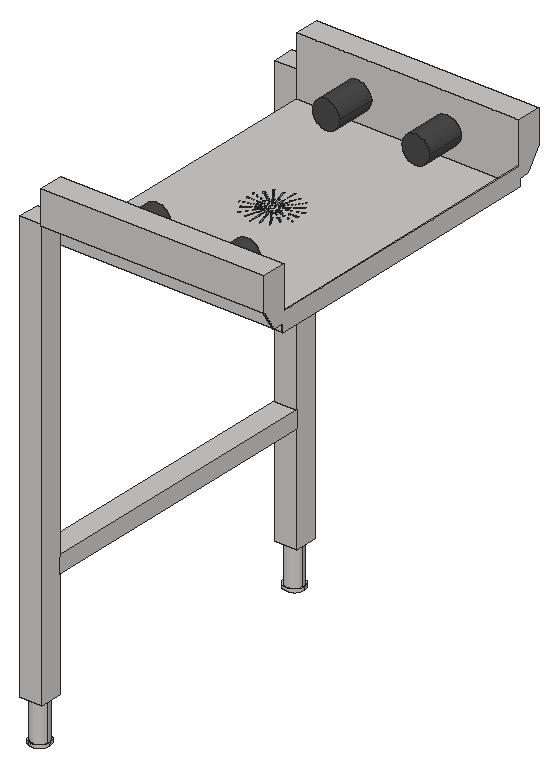
Revit family "QF_ELECTROLUXPROFESSIONAL_863137_HSSRC4", category Specialty Equipment, Revit 2018 (continued)
Lines and regions (mm)
  symbolic lines
    curve 302: arc (-890.939, 60.514, 0) -> (-891.117, 61.256, 0) -> (-890.719, 61.907, 0) r 0.997
    curve 303: line (-892.779, 69.167, 0) -> (-880.445, 73.175, 0)
    curve 304: arc (-880.445, 73.175, 0) -> (-879.656, 73.113, 0) -> (-879.143, 72.511, 0) r 1.033
    curve 305: line (-879.143, 72.511, 0) -> (-878.848, 71.603, 0)
    curve 306: arc (-878.848, 71.603, 0) -> (-878.908, 70.831, 0) -> (-879.497, 70.328, 0) r 1.012
    curve 307: line (-879.497, 70.328, 0) -> (-891.804, 66.33, 0)
    curve 308: arc (-891.804, 66.33, 0) -> (-892.604, 66.393, 0) -> (-893.125, 67.003, 0) r 1.048
    curve 309: line (-893.125, 67.003, 0) -> (-893.419, 67.91, 0)
    curve 310: arc (-893.419, 67.91, 0) -> (-893.36, 68.671, 0) -> (-892.779, 69.167, 0) r 0.998
    curve 311: line (-885.276, 73.399, 0) -> (-894.436, 73.399, 0)
    curve 312: arc (-894.436, 73.399, 0) -> (-895.153, 73.696, 0) -> (-895.45, 74.412, 0) r 1.013
    curve 313: line (-895.45, 74.412, 0) -> (-895.45, 75.402, 0)
    curve 314: arc (-895.45, 75.402, 0) -> (-895.158, 76.107, 0) -> (-894.452, 76.399, 0) r 0.997
    curve 315: line (-894.452, 76.399, 0) -> (-885.311, 76.399, 0)
    curve 316: arc (-885.311, 76.399, 0) -> (-884.579, 76.096, 0) -> (-884.276, 75.364, 0) r 1.035
    curve 317: line (-884.276, 75.364, 0) -> (-884.276, 74.399, 0)
    curve 318: arc (-884.276, 74.399, 0) -> (-884.569, 73.692, 0) -> (-885.276, 73.399, 0) r 1
    curve 319: line (-880.424, 76.616, 0) -> (-892.731, 80.615, 0)
    curve 320: arc (-892.731, 80.615, 0) -> (-893.341, 81.136, 0) -> (-893.404, 81.936, 0) r 1.048
    curve 321: line (-893.404, 81.936, 0) -> (-893.109, 82.843, 0)
    curve 322: arc (-893.109, 82.843, 0) -> (-892.613, 83.424, 0) -> (-891.852, 83.484, 0) r 0.998
    curve 323: line (-891.852, 83.484, 0) -> (-879.518, 79.476, 0)
    curve 324: arc (-879.518, 79.476, 0) -> (-878.916, 78.962, 0) -> (-878.854, 78.174, 0) r 1.033
    curve 325: line (-878.854, 78.174, 0) -> (-879.149, 77.266, 0)
    curve 326: arc (-879.149, 77.266, 0) -> (-879.652, 76.677, 0) -> (-880.424, 76.616, 0) r 1.012
    curve 327: line (-883.295, 82.497, 0) -> (-890.706, 87.881, 0)
    curve 328: arc (-890.706, 87.881, 0) -> (-891.111, 88.543, 0) -> (-890.93, 89.297, 0) r 1.013
    curve 329: line (-890.93, 89.297, 0) -> (-890.348, 90.097, 0)
    curve 330: arc (-890.348, 90.097, 0) -> (-889.697, 90.496, 0) -> (-888.955, 90.318, 0) r 0.997
    curve 331: line (-888.955, 90.318, 0) -> (-881.56, 84.945, 0)
    curve 332: arc (-881.56, 84.945, 0) -> (-881.146, 84.269, 0) -> (-881.331, 83.499, 0) r 1.035
    curve 333: line (-881.331, 83.499, 0) -> (-881.898, 82.718, 0)
    curve 334: arc (-881.898, 82.718, 0) -> (-882.551, 82.319, 0) -> (-883.295, 82.497, 0) r 1
    curve 335: line (-877.478, 82.248, 0) -> (-885.084, 92.717, 0)
    curve 336: arc (-885.084, 92.717, 0) -> (-885.272, 93.497, 0) -> (-884.852, 94.181, 0) r 1.048
    curve 337: line (-884.852, 94.181, 0) -> (-884.081, 94.742, 0)
    curve 338: arc (-884.081, 94.742, 0) -> (-883.338, 94.92, 0) -> (-882.687, 94.521, 0) r 0.998
    curve 339: line (-882.687, 94.521, 0) -> (-875.064, 84.029, 0)
    curve 340: arc (-875.064, 84.029, 0) -> (-874.879, 83.26, 0) -> (-875.293, 82.586, 0) r 1.033
    curve 341: line (-875.293, 82.586, 0) -> (-876.065, 82.024, 0)
    curve 342: arc (-876.065, 82.024, 0) -> (-876.818, 81.843, 0) -> (-877.478, 82.248, 0) r 1.012
    curve 343: line (-876.344, 88.693, 0) -> (-879.175, 97.405, 0)
    curve 344: arc (-879.175, 97.405, 0) -> (-879.114, 98.178, 0) -> (-878.524, 98.682, 0) r 1.013
    curve 345: line (-878.524, 98.682, 0) -> (-877.583, 98.988, 0)
    curve 346: arc (-877.583, 98.988, 0) -> (-876.822, 98.928, 0) -> (-876.326, 98.347, 0) r 0.997
    curve 347: line (-876.326, 98.347, 0) -> (-873.502, 89.654, 0)
    curve 348: arc (-873.502, 89.654, 0) -> (-873.564, 88.864, 0) -> (-874.166, 88.349, 0) r 1.035
    curve 349: line (-874.166, 88.349, 0) -> (-875.084, 88.051, 0)
    curve 350: arc (-875.084, 88.051, 0) -> (-875.847, 88.111, 0) -> (-876.344, 88.693, 0) r 1
Dimensions and locks
  plane 3 "LEFT" to plane 7 "RIGHT" = 400 mm
  equal spacing: plane 4 "BACK", plane 1 "Centro (Fronte/Retro)", plane 5 "FRONT"
  plane 4 "BACK" to plane 5 "FRONT" = 620 mm
  cut or joined group 1 (Extrusion 2, Extrusion 3, Extrusion 5, Revolve 6, Revolve 7, Extrusion 9, Extrusion 10, Extrusion 11, Extrusion 12, Extrusion 13, Extrusion 14, Extrusion 15, Extrusion 16, Extrusion 17, Extrusion 18, Extrusion 19, Extrusion 20, Extrusion 21, Extrusion 22, Extrusion 23, Extrusion 24, Extrusion 25, Extrusion 26, Extrusion 27, Extrusion 28, Extrusion 29) to cut or joined group 1 = 529.957 mm
  plane 3 "LEFT" to plane 8 = 170 mm
  aligned and locked: level to plane 2
  aligned and locked: Extrusion 2 to Extrusion 5
  aligned and locked: Extrusion 2 to Extrusion 3
Automatic sketch dimensions
  curve 1 to plane 3 "LEFT" = 0 mm
  plane 1 "Centro (Fronte/Retro)" to curve 16 = 0 mm
  plane 1 "Centro (Fronte/Retro)" to curve 18 = 0 mm
  plane 1 "Centro (Fronte/Retro)" to curve 20 = 0 mm
  plane 1 "Centro (Fronte/Retro)" to curve 15 = 0 mm
  curve 6 to plane 7 "RIGHT" = 0 mm
  curve 4 to plane 5 "FRONT" = 0 mm
  curve 2 to plane 4 "BACK" = 0 mm
  plane 3 "LEFT" to curve 9 = 88.124 mm
  plane 3 "LEFT" to curve 22 = 88.124 mm
  curve 8 to curve 9 = 50 mm
  curve 21 to curve 24 = 50 mm
  plane 5 "FRONT" to curve 13 = 49.466 mm
  curve 9 to curve 13 = 111.286 mm
  curve 27 to plane 4 "BACK" = 49.466 mm
  curve 23 to curve 27 = 111.286 mm
  curve 13 to curve 13 = 50 mm
  curve 25 to curve 25 = 50 mm
  curve 18 to plane 7 "RIGHT" = 230 mm
  curve 17 to curve 20 = 30 mm
  plane 5 "FRONT" to curve 9 = 49.466 mm
  curve 9 to curve 7 = 69.954 mm
  curve 13 to curve 14 = 69.954 mm
  curve 28 to curve 27 = 69.954 mm
  curve 24 to curve 25 = 0 mm
  curve 22 to plane 4 "BACK" = 49.466 mm
  plane 3 "LEFT" to curve 16 = 30 mm
  curve 15 to plane 7 "RIGHT" = 30 mm
  plane 5 "FRONT" to curve 6 = 45.021 mm
  plane 1 "Centro (Fronte/Retro)" to curve 18 = 62.418 mm
  plane 1 "Centro (Fronte/Retro)" to curve 19 = 20.976 mm
  curve 3 to curve 1 = 45.021 mm
  Extrusion 1 sketch curve to plane 3 "LEFT" = 41.168 mm
  Extrusion 1 sketch curve to plane 3 "LEFT" = 1.168 mm
  level to Extrusion 1 sketch curve = 270 mm
  Extrusion 1 sketch curve to Extrusion 1 sketch curve = 30 mm
  Extrusion 2 sketch curve to plane 5 "FRONT" = 0 mm
  Extrusion 2 sketch curve to plane 6 = 0 mm  (x2)
  Extrusion 2 sketch curve to plane 4 "BACK" = 0 mm
  plane 5 "FRONT" to Extrusion 2 sketch curve = 45.021 mm
  Extrusion 2 sketch curve to plane 4 "BACK" = 45.021 mm
  Extrusion 2 sketch curve to Extrusion 2 sketch curve = 59.967 mm  (x2)
  plane 5 "FRONT" to Extrusion 3 sketch curve = 43.536 mm
  Extrusion 3 sketch curve to Extrusion 3 sketch curve = 1.486 mm
  Extrusion 3 sketch curve to plane 4 "BACK" = 45.021 mm
  Extrusion 3 sketch curve to Extrusion 3 sketch curve = 1.529 mm
  Extrusion 3 sketch curve to plane 6 = 109.919 mm
  Extrusion 3 sketch curve to Extrusion 3 sketch curve = 3 mm
  Extrusion 3 sketch curve to Extrusion 3 sketch curve = 46.952 mm  (x2)
  plane 3 "LEFT" to Extrusion 4 sketch curve = 113.124 mm
  Extrusion 4 sketch curve to plane 6 = 59.885 mm  (x2)
  Extrusion 4 sketch curve to plane 7 "RIGHT" = 125.59 mm
  Extrusion 5 sketch curve to plane 5 "FRONT" = 0 mm
  Extrusion 5 sketch curve to plane 6 = 0 mm  (x2)
  Extrusion 5 sketch curve to plane 4 "BACK" = 0 mm
  plane 5 "FRONT" to Extrusion 5 sketch curve = 23.764 mm
  Extrusion 5 sketch curve to Extrusion 5 sketch curve = 19.352 mm  (x2)
  plane 5 "FRONT" to Extrusion 5 sketch curve = 45.021 mm
  Extrusion 5 sketch curve to plane 4 "BACK" = 45.021 mm
  Extrusion 5 sketch curve to Extrusion 5 sketch curve = 1.905 mm
  Extrusion 5 sketch curve to Extrusion 5 sketch curve = 59.967 mm  (x2)
  Extrusion 5 sketch curve to Extrusion 5 sketch curve = 15.444 mm
  Extrusion 5 sketch curve to Extrusion 5 sketch curve = 20.221 mm  (x2)
  Extrusion 5 sketch curve to Extrusion 5 sketch curve = 14.287 mm
  Revolve 6 sketch curve to plane 1 "Centro (Fronte/Retro)" = 0 mm  (x2)
  plane 1 "Centro (Fronte/Retro)" to Revolve 6 sketch curve = 45.447 mm
  Revolve 6 sketch curve to Revolve 6 sketch curve = 1.52 mm
  Revolve 6 sketch curve to Revolve 6 sketch curve = 11.998 mm
  Revolve 6 sketch curve to Revolve 6 sketch curve = 4.762 mm
  Revolve 6 sketch curve to Revolve 6 sketch curve = 4.974 mm
  Revolve 6 sketch curve to plane 6 = 145.915 mm
  Revolve 6 sketch curve to Revolve 6 sketch curve = 5.727 mm
  Revolve 6 sketch curve to Revolve 6 sketch curve = 11.901 mm
  Revolve 6 sketch curve to Revolve 6 sketch curve = 3.704 mm
  Revolve 6 sketch curve to Revolve 6 sketch curve = 11.924 mm
  Revolve 6 sketch curve to Revolve 6 sketch curve = 2.681 mm
  Revolve 6 sketch curve to Revolve 6 sketch curve = 3 mm
  Revolve 6 sketch curve to Revolve 6 sketch curve = 14.991 mm
  Revolve 7 sketch curve to plane 1 "Centro (Fronte/Retro)" = 0 mm  (x2)
  Revolve 7 sketch curve to plane 1 "Centro (Fronte/Retro)" = 20.976 mm
  Revolve 7 sketch curve to plane 6 = 165.904 mm
  Revolve 7 sketch curve to plane 1 "Centro (Fronte/Retro)" = 23.516 mm
  Revolve 7 sketch curve to Revolve 7 sketch curve = 2.434 mm
  Revolve 7 sketch curve to Revolve 7 sketch curve = 8.043 mm
  Revolve 7 sketch curve to Revolve 7 sketch curve = 2.54 mm  (x2)
  Revolve 7 sketch curve to Revolve 7 sketch curve = 16.983 mm
  Revolve 7 sketch curve to Revolve 7 sketch curve = 3.127 mm
  Revolve 7 sketch curve to Revolve 7 sketch curve = 7.343 mm
  Masking region 1 sketch curve to plane 3 "LEFT" = 0 mm
  Masking region 1 sketch curve to plane 5 "FRONT" = 0 mm
  Masking region 1 sketch curve to plane 7 "RIGHT" = 0 mm
  Masking region 1 sketch curve to plane 4 "BACK" = 0 mm
  plane 3 "LEFT" to Extrusion 8 sketch curve = 113.124 mm
  Extrusion 8 sketch curve to plane 6 = 59.885 mm  (x2)
  Extrusion 8 sketch curve to plane 7 "RIGHT" = 125.59 mm
  Extrusion 9 sketch curve to Extrusion 9 sketch curve = 0.998 mm
  Extrusion 9 sketch curve to Extrusion 9 sketch curve = 1.033 mm
  Extrusion 9 sketch curve to Extrusion 9 sketch curve = 12.94 mm
  Extrusion 9 sketch curve to Extrusion 9 sketch curve = 3.807 mm
  Extrusion 9 sketch curve to Extrusion 9 sketch curve = 20.041 mm
  Extrusion 9 sketch curve to Extrusion 9 sketch curve = 0.05 mm
  Extrusion 9 sketch curve to Extrusion 9 sketch curve = 0 mm
  Extrusion 9 sketch curve to Extrusion 9 sketch curve = 1.012 mm  (x2)
  Extrusion 9 sketch curve to Extrusion 9 sketch curve = 1.048 mm  (x2)
  Extrusion 9 sketch curve to Extrusion 9 sketch curve = 0.955 mm  (x2)
  Extrusion 9 sketch curve to Extrusion 9 sketch curve = 0.954 mm
  Extrusion 10 sketch curve to Extrusion 10 sketch curve = 0.998 mm
  Extrusion 10 sketch curve to Extrusion 10 sketch curve = 1.033 mm
  Extrusion 10 sketch curve to Extrusion 10 sketch curve = 12.94 mm
  Extrusion 10 sketch curve to Extrusion 10 sketch curve = 3.807 mm
  Extrusion 10 sketch curve to Extrusion 10 sketch curve = 20.041 mm
  Extrusion 10 sketch curve to Extrusion 10 sketch curve = 0.05 mm
  Extrusion 10 sketch curve to Extrusion 10 sketch curve = 0 mm
  Extrusion 10 sketch curve to Extrusion 10 sketch curve = 1.012 mm  (x2)
  Extrusion 10 sketch curve to Extrusion 10 sketch curve = 1.048 mm  (x2)
  Extrusion 10 sketch curve to Extrusion 10 sketch curve = 0.955 mm  (x2)
  Extrusion 10 sketch curve to Extrusion 10 sketch curve = 0.954 mm
  Extrusion 11 sketch curve to Extrusion 11 sketch curve = 0.998 mm
  Extrusion 11 sketch curve to Extrusion 11 sketch curve = 1.033 mm
  Extrusion 11 sketch curve to Extrusion 11 sketch curve = 12.94 mm
  Extrusion 11 sketch curve to Extrusion 11 sketch curve = 3.807 mm
  Extrusion 11 sketch curve to Extrusion 11 sketch curve = 20.041 mm
  Extrusion 11 sketch curve to Extrusion 11 sketch curve = 0.05 mm
  Extrusion 11 sketch curve to Extrusion 11 sketch curve = 0 mm
  Extrusion 11 sketch curve to Extrusion 11 sketch curve = 1.012 mm  (x2)
  Extrusion 11 sketch curve to Extrusion 11 sketch curve = 1.048 mm  (x2)
  Extrusion 11 sketch curve to Extrusion 11 sketch curve = 0.955 mm  (x2)
  Extrusion 11 sketch curve to Extrusion 11 sketch curve = 0.954 mm
  Extrusion 12 sketch curve to Extrusion 12 sketch curve = 0.998 mm
  Extrusion 12 sketch curve to Extrusion 12 sketch curve = 1.033 mm
  Extrusion 12 sketch curve to Extrusion 12 sketch curve = 12.94 mm
  Extrusion 12 sketch curve to Extrusion 12 sketch curve = 3.807 mm
  Extrusion 12 sketch curve to Extrusion 12 sketch curve = 20.041 mm
  Extrusion 12 sketch curve to Extrusion 12 sketch curve = 0.05 mm
  Extrusion 12 sketch curve to Extrusion 12 sketch curve = 0 mm
  Extrusion 12 sketch curve to Extrusion 12 sketch curve = 1.012 mm  (x2)
  Extrusion 12 sketch curve to Extrusion 12 sketch curve = 1.048 mm  (x2)
  Extrusion 12 sketch curve to Extrusion 12 sketch curve = 0.955 mm  (x2)
  Extrusion 12 sketch curve to Extrusion 12 sketch curve = 0.954 mm
  Extrusion 13 sketch curve to Extrusion 13 sketch curve = 0.998 mm
  Extrusion 13 sketch curve to Extrusion 13 sketch curve = 1.033 mm
  Extrusion 13 sketch curve to Extrusion 13 sketch curve = 12.94 mm
  Extrusion 13 sketch curve to Extrusion 13 sketch curve = 3.807 mm
  Extrusion 13 sketch curve to Extrusion 13 sketch curve = 20.041 mm
  Extrusion 13 sketch curve to Extrusion 13 sketch curve = 0.05 mm
  Extrusion 13 sketch curve to Extrusion 13 sketch curve = 0 mm
  Extrusion 13 sketch curve to Extrusion 13 sketch curve = 1.012 mm  (x2)
  Extrusion 13 sketch curve to Extrusion 13 sketch curve = 1.048 mm  (x2)
  Extrusion 13 sketch curve to Extrusion 13 sketch curve = 0.955 mm  (x2)
  Extrusion 13 sketch curve to Extrusion 13 sketch curve = 0.954 mm
  Extrusion 14 sketch curve to Extrusion 14 sketch curve = 0.998 mm
  Extrusion 14 sketch curve to Extrusion 14 sketch curve = 1.033 mm
  Extrusion 14 sketch curve to Extrusion 14 sketch curve = 12.94 mm
  Extrusion 14 sketch curve to Extrusion 14 sketch curve = 3.807 mm
  Extrusion 14 sketch curve to Extrusion 14 sketch curve = 20.041 mm
  Extrusion 14 sketch curve to Extrusion 14 sketch curve = 0.05 mm
  Extrusion 14 sketch curve to Extrusion 14 sketch curve = 0 mm
  Extrusion 14 sketch curve to Extrusion 14 sketch curve = 1.012 mm  (x2)
  Extrusion 14 sketch curve to Extrusion 14 sketch curve = 1.048 mm  (x2)
  Extrusion 14 sketch curve to Extrusion 14 sketch curve = 0.955 mm  (x2)
  Extrusion 14 sketch curve to Extrusion 14 sketch curve = 0.954 mm
  Extrusion 15 sketch curve to Extrusion 15 sketch curve = 0.998 mm
  Extrusion 15 sketch curve to Extrusion 15 sketch curve = 1.033 mm
  Extrusion 15 sketch curve to Extrusion 15 sketch curve = 12.94 mm
  Extrusion 15 sketch curve to Extrusion 15 sketch curve = 3.807 mm
  Extrusion 15 sketch curve to Extrusion 15 sketch curve = 20.041 mm
  Extrusion 15 sketch curve to Extrusion 15 sketch curve = 0.05 mm
  Extrusion 15 sketch curve to Extrusion 15 sketch curve = 0 mm
  Extrusion 15 sketch curve to Extrusion 15 sketch curve = 1.012 mm  (x2)
  Extrusion 15 sketch curve to Extrusion 15 sketch curve = 1.048 mm  (x2)
  Extrusion 15 sketch curve to Extrusion 15 sketch curve = 0.955 mm  (x2)
  Extrusion 15 sketch curve to Extrusion 15 sketch curve = 0.954 mm
  Extrusion 16 sketch curve to Extrusion 16 sketch curve = 0.998 mm
  Extrusion 16 sketch curve to Extrusion 16 sketch curve = 1.033 mm
  Extrusion 16 sketch curve to Extrusion 16 sketch curve = 12.94 mm
  Extrusion 16 sketch curve to Extrusion 16 sketch curve = 3.807 mm
  Extrusion 16 sketch curve to Extrusion 16 sketch curve = 20.041 mm
  Extrusion 16 sketch curve to Extrusion 16 sketch curve = 0.05 mm
  Extrusion 16 sketch curve to Extrusion 16 sketch curve = 0 mm
  Extrusion 16 sketch curve to Extrusion 16 sketch curve = 1.012 mm  (x2)
  Extrusion 16 sketch curve to Extrusion 16 sketch curve = 1.048 mm  (x2)
  Extrusion 16 sketch curve to Extrusion 16 sketch curve = 0.955 mm  (x2)
  Extrusion 16 sketch curve to Extrusion 16 sketch curve = 0.954 mm
  Extrusion 17 sketch curve to Extrusion 17 sketch curve = 0.998 mm
  Extrusion 17 sketch curve to Extrusion 17 sketch curve = 1.033 mm
  Extrusion 17 sketch curve to Extrusion 17 sketch curve = 12.94 mm
  Extrusion 17 sketch curve to Extrusion 17 sketch curve = 3.807 mm
  Extrusion 17 sketch curve to Extrusion 17 sketch curve = 20.041 mm
  Extrusion 17 sketch curve to Extrusion 17 sketch curve = 0.05 mm
  Extrusion 17 sketch curve to Extrusion 17 sketch curve = 0 mm
  Extrusion 17 sketch curve to Extrusion 17 sketch curve = 1.012 mm  (x2)
  Extrusion 17 sketch curve to Extrusion 17 sketch curve = 1.048 mm  (x2)
  Extrusion 17 sketch curve to Extrusion 17 sketch curve = 0.955 mm  (x2)
  Extrusion 17 sketch curve to Extrusion 17 sketch curve = 0.954 mm
  Extrusion 18 sketch curve to Extrusion 18 sketch curve = 0.998 mm
  Extrusion 18 sketch curve to Extrusion 18 sketch curve = 1.033 mm
  Extrusion 18 sketch curve to Extrusion 18 sketch curve = 12.94 mm
  Extrusion 18 sketch curve to Extrusion 18 sketch curve = 3.807 mm
  Extrusion 18 sketch curve to Extrusion 18 sketch curve = 20.041 mm
  Extrusion 18 sketch curve to Extrusion 18 sketch curve = 0.05 mm
  Extrusion 18 sketch curve to Extrusion 18 sketch curve = 0 mm
  Extrusion 18 sketch curve to Extrusion 18 sketch curve = 1.012 mm  (x2)
  Extrusion 18 sketch curve to Extrusion 18 sketch curve = 1.048 mm  (x2)
  Extrusion 18 sketch curve to Extrusion 18 sketch curve = 0.955 mm  (x2)
  Extrusion 18 sketch curve to Extrusion 18 sketch curve = 0.954 mm
  Extrusion 20 sketch curve to Extrusion 20 sketch curve = 0.997 mm  (x2)
  Extrusion 20 sketch curve to Extrusion 20 sketch curve = 0.016 mm  (x2)
  Extrusion 20 sketch curve to Extrusion 20 sketch curve = 14.766 mm
  Extrusion 20 sketch curve to Extrusion 20 sketch curve = 4.462 mm
  Extrusion 20 sketch curve to Extrusion 20 sketch curve = 9.141 mm
  Extrusion 20 sketch curve to Extrusion 20 sketch curve = 0.035 mm  (x2)
  Extrusion 20 sketch curve to Extrusion 20 sketch curve = 1.035 mm  (x2)
  Extrusion 20 sketch curve to Extrusion 20 sketch curve = 1 mm
  Extrusion 20 sketch curve to Extrusion 20 sketch curve = 0.965 mm  (x2)
  Extrusion 21 sketch curve to Extrusion 21 sketch curve = 0.997 mm  (x2)
  Extrusion 21 sketch curve to Extrusion 21 sketch curve = 0.016 mm  (x2)
  Extrusion 21 sketch curve to Extrusion 21 sketch curve = 14.766 mm
  Extrusion 21 sketch curve to Extrusion 21 sketch curve = 4.462 mm
  Extrusion 21 sketch curve to Extrusion 21 sketch curve = 9.141 mm
  Extrusion 21 sketch curve to Extrusion 21 sketch curve = 0.035 mm  (x2)
  Extrusion 21 sketch curve to Extrusion 21 sketch curve = 1.035 mm  (x2)
  Extrusion 21 sketch curve to Extrusion 21 sketch curve = 1 mm
  Extrusion 21 sketch curve to Extrusion 21 sketch curve = 0.965 mm  (x2)
  Extrusion 22 sketch curve to Extrusion 22 sketch curve = 0.997 mm  (x2)
  Extrusion 22 sketch curve to Extrusion 22 sketch curve = 0.016 mm  (x2)
  Extrusion 22 sketch curve to Extrusion 22 sketch curve = 14.766 mm
  Extrusion 22 sketch curve to Extrusion 22 sketch curve = 4.462 mm
  Extrusion 22 sketch curve to Extrusion 22 sketch curve = 9.141 mm
  Extrusion 22 sketch curve to Extrusion 22 sketch curve = 0.035 mm  (x2)
  Extrusion 22 sketch curve to Extrusion 22 sketch curve = 1.035 mm  (x2)
  Extrusion 22 sketch curve to Extrusion 22 sketch curve = 1 mm
  Extrusion 22 sketch curve to Extrusion 22 sketch curve = 0.965 mm  (x2)
  Extrusion 23 sketch curve to Extrusion 23 sketch curve = 0.997 mm  (x2)
  Extrusion 23 sketch curve to Extrusion 23 sketch curve = 0.016 mm  (x2)
  Extrusion 23 sketch curve to Extrusion 23 sketch curve = 14.766 mm
  Extrusion 23 sketch curve to Extrusion 23 sketch curve = 4.462 mm
  Extrusion 23 sketch curve to Extrusion 23 sketch curve = 9.141 mm
  Extrusion 23 sketch curve to Extrusion 23 sketch curve = 0.035 mm  (x2)
  Extrusion 23 sketch curve to Extrusion 23 sketch curve = 1.035 mm  (x2)
  Extrusion 23 sketch curve to Extrusion 23 sketch curve = 1 mm
  Extrusion 23 sketch curve to Extrusion 23 sketch curve = 0.965 mm  (x2)
  Extrusion 24 sketch curve to Extrusion 24 sketch curve = 0.997 mm  (x2)
  Extrusion 24 sketch curve to Extrusion 24 sketch curve = 0.016 mm  (x2)
  Extrusion 24 sketch curve to Extrusion 24 sketch curve = 14.766 mm
  Extrusion 24 sketch curve to Extrusion 24 sketch curve = 4.462 mm
  Extrusion 24 sketch curve to Extrusion 24 sketch curve = 9.141 mm
  Extrusion 24 sketch curve to Extrusion 24 sketch curve = 0.035 mm  (x2)
  Extrusion 24 sketch curve to Extrusion 24 sketch curve = 1.035 mm  (x2)
  Extrusion 24 sketch curve to Extrusion 24 sketch curve = 1 mm
  Extrusion 24 sketch curve to Extrusion 24 sketch curve = 0.965 mm  (x2)
  Extrusion 25 sketch curve to Extrusion 25 sketch curve = 0.997 mm  (x2)
  Extrusion 25 sketch curve to Extrusion 25 sketch curve = 0.016 mm  (x2)
  Extrusion 25 sketch curve to Extrusion 25 sketch curve = 14.766 mm
  Extrusion 25 sketch curve to Extrusion 25 sketch curve = 4.462 mm
  Extrusion 25 sketch curve to Extrusion 25 sketch curve = 9.141 mm
  Extrusion 25 sketch curve to Extrusion 25 sketch curve = 0.035 mm  (x2)
  Extrusion 25 sketch curve to Extrusion 25 sketch curve = 1.035 mm  (x2)
  Extrusion 25 sketch curve to Extrusion 25 sketch curve = 1 mm
  Extrusion 25 sketch curve to Extrusion 25 sketch curve = 0.965 mm  (x2)
  Extrusion 26 sketch curve to Extrusion 26 sketch curve = 0.997 mm  (x2)
  Extrusion 26 sketch curve to Extrusion 26 sketch curve = 0.016 mm  (x2)
  Extrusion 26 sketch curve to Extrusion 26 sketch curve = 14.766 mm
  Extrusion 26 sketch curve to Extrusion 26 sketch curve = 4.462 mm
  Extrusion 26 sketch curve to Extrusion 26 sketch curve = 9.141 mm
  Extrusion 26 sketch curve to Extrusion 26 sketch curve = 0.035 mm  (x2)
  Extrusion 26 sketch curve to Extrusion 26 sketch curve = 1.035 mm  (x2)
  Extrusion 26 sketch curve to Extrusion 26 sketch curve = 1 mm
  Extrusion 26 sketch curve to Extrusion 26 sketch curve = 0.965 mm  (x2)
  Extrusion 27 sketch curve to Extrusion 27 sketch curve = 0.997 mm  (x2)
  Extrusion 27 sketch curve to Extrusion 27 sketch curve = 0.016 mm  (x2)
  Extrusion 27 sketch curve to Extrusion 27 sketch curve = 14.766 mm
  Extrusion 27 sketch curve to Extrusion 27 sketch curve = 4.462 mm
  Extrusion 27 sketch curve to Extrusion 27 sketch curve = 9.141 mm
  Extrusion 27 sketch curve to Extrusion 27 sketch curve = 0.035 mm  (x2)
  Extrusion 27 sketch curve to Extrusion 27 sketch curve = 1.035 mm  (x2)
  Extrusion 27 sketch curve to Extrusion 27 sketch curve = 1 mm
  Extrusion 27 sketch curve to Extrusion 27 sketch curve = 0.965 mm  (x2)
  Extrusion 28 sketch curve to Extrusion 28 sketch curve = 0.997 mm  (x2)
  Extrusion 28 sketch curve to Extrusion 28 sketch curve = 0.016 mm  (x2)
  Extrusion 28 sketch curve to Extrusion 28 sketch curve = 14.766 mm
  Extrusion 28 sketch curve to Extrusion 28 sketch curve = 4.462 mm
  Extrusion 28 sketch curve to Extrusion 28 sketch curve = 9.141 mm
  Extrusion 28 sketch curve to Extrusion 28 sketch curve = 0.035 mm  (x2)
  Extrusion 28 sketch curve to Extrusion 28 sketch curve = 1.035 mm  (x2)
  Extrusion 28 sketch curve to Extrusion 28 sketch curve = 1 mm
  Extrusion 28 sketch curve to Extrusion 28 sketch curve = 0.965 mm  (x2)
  Extrusion 29 sketch curve to Extrusion 29 sketch curve = 0.997 mm  (x2)
  Extrusion 29 sketch curve to Extrusion 29 sketch curve = 0.016 mm  (x2)
  Extrusion 29 sketch curve to Extrusion 29 sketch curve = 14.766 mm
  Extrusion 29 sketch curve to Extrusion 29 sketch curve = 4.462 mm
  Extrusion 29 sketch curve to Extrusion 29 sketch curve = 9.141 mm
  Extrusion 29 sketch curve to Extrusion 29 sketch curve = 0.035 mm  (x2)
  Extrusion 29 sketch curve to Extrusion 29 sketch curve = 1.035 mm  (x2)
  Extrusion 29 sketch curve to Extrusion 29 sketch curve = 1 mm
  Extrusion 29 sketch curve to Extrusion 29 sketch curve = 0.965 mm  (x2)
  Extrusion 19 sketch curve to plane 1 "Centro (Fronte/Retro)" = 0.162 mm
  Extrusion 19 sketch curve to plane 7 "RIGHT" = 231.524 mm
  curve 160 to plane 7 "RIGHT" = 278.37 mm
  curve 160 to curve 174 = 0.063 mm
  curve 174 to curve 176 = 0.247 mm
  curve 160 to curve 158 = 0.343 mm
  curve 174 to curve 168 = 1.355 mm
  curve 168 to curve 166 = 0.016 mm
  curve 158 to curve 152 = 9.456 mm
  curve 176 to curve 182 = 9.511 mm
  curve 182 to curve 184 = 0.569 mm
  curve 152 to curve 150 = 0.594 mm
  curve 170 to curve 172 = 0.035 mm
  curve 150 to curve 144 = 7.19 mm
  curve 184 to curve 30 = 7.264 mm
  curve 144 to curve 142 = 0.801 mm
  curve 30 to curve 32 = 0.742 mm
  curve 172 to curve 162 = 2.9 mm
  curve 170 to curve 180 = 2.949 mm
  curve 180 to curve 178 = 0.274 mm
  curve 162 to curve 164 = 0.316 mm
  curve 164 to curve 154 = 2.332 mm
  curve 178 to curve 188 = 2.367 mm
  curve 188 to curve 186 = 0.539 mm
  curve 154 to curve 156 = 0.596 mm
  curve 170 to curve 314 = 6.495 mm
  curve 314 to curve 312 = 0.016 mm
  curve 312 to curve 310 = 1.966 mm
  curve 314 to curve 320 = 2.045 mm
  curve 320 to curve 322 = 0.247 mm
  curve 310 to curve 308 = 0.343 mm
  curve 154 to curve 302 = 5.232 mm
  curve 188 to curve 328 = 5.246 mm
  curve 328 to curve 330 = 0.569 mm
  curve 302 to curve 300 = 0.594 mm
  curve 186 to curve 36 = 7.103 mm
  curve 156 to curve 146 = 7.059 mm
  curve 36 to curve 34 = 0.76 mm
  curve 146 to curve 148 = 0.786 mm
  curve 316 to curve 318 = 0.035 mm
  curve 142 to curve 136 = 13.946 mm
  curve 146 to curve 294 = 3.403 mm
  curve 36 to curve 336 = 3.478 mm
  curve 136 to curve 134 = 0.946 mm
  curve 38 to curve 40 = 0.936 mm
  curve 294 to curve 292 = 0.801 mm
  curve 336 to curve 338 = 0.742 mm
  curve 318 to curve 296 = 2.561 mm
  curve 316 to curve 334 = 2.604 mm
  curve 334 to curve 332 = 0.539 mm
  curve 296 to curve 298 = 0.596 mm
  curve 34 to curve 44 = 6.73 mm
  curve 148 to curve 138 = 6.722 mm
  curve 318 to curve 304 = 5.151 mm
  curve 316 to curve 326 = 5.2 mm
  curve 326 to curve 324 = 0.274 mm
  curve 304 to curve 306 = 0.316 mm
  curve 44 to curve 42 = 0.907 mm
  curve 138 to curve 140 = 0.928 mm
  curve 138 to curve 286 = 1.971 mm
  curve 44 to curve 344 = 2.014 mm
  curve 286 to curve 284 = 0.946 mm
  curve 344 to curve 346 = 0.936 mm
  curve 324 to curve 342 = 3.177 mm
  curve 306 to curve 288 = 3.155 mm
  curve 342 to curve 340 = 0.76 mm
  curve 288 to curve 290 = 0.786 mm
  curve 340 to curve 350 = 0.507 mm
  curve 290 to curve 280 = 0.499 mm
  curve 350 to curve 348 = 0.907 mm
  curve 280 to curve 282 = 0.928 mm
  curve 134 to curve 128 = 13.068 mm
  curve 284 to curve 278 = 6.498 mm
  curve 340 to curve 194 = 5.127 mm
  curve 290 to curve 272 = 5.118 mm
  curve 278 to curve 130 = 0.035 mm
  curve 52 to curve 196 = 0.037 mm
  curve 40 to curve 46 = 13.108 mm
  curve 272 to curve 190 = 0.467 mm
  curve 128 to curve 126 = 0.954 mm
  curve 278 to curve 276 = 0.954 mm
  curve 194 to curve 192 = 0.955 mm
  curve 52 to curve 50 = 0.955 mm
  curve 130 to curve 132 = 0.955 mm
  curve 272 to curve 274 = 0.955 mm
  curve 196 to curve 198 = 0.954 mm
  curve 46 to curve 48 = 0.954 mm
  curve 192 to curve 202 = 3.69 mm
  curve 274 to curve 264 = 3.713 mm
  curve 202 to curve 200 = 0.928 mm
  curve 264 to curve 266 = 0.907 mm
  curve 192 to curve 210 = 5.118 mm
  curve 274 to curve 256 = 5.127 mm
  curve 210 to curve 208 = 0.786 mm
  curve 256 to curve 258 = 0.76 mm
  curve 276 to curve 270 = 6.538 mm
  curve 198 to curve 204 = 6.498 mm
  curve 270 to curve 268 = 0.936 mm
  curve 204 to curve 206 = 0.946 mm
  curve 204 to curve 60 = 1.988 mm
  curve 270 to curve 122 = 2.043 mm
  curve 208 to curve 226 = 3.155 mm
  curve 258 to curve 240 = 3.177 mm
  curve 240 to curve 242 = 0.274 mm
  curve 226 to curve 224 = 0.316 mm
  curve 60 to curve 58 = 0.928 mm
  curve 122 to curve 124 = 0.907 mm
  curve 208 to curve 218 = 5.464 mm
  curve 258 to curve 248 = 5.509 mm
  curve 248 to curve 250 = 0.539 mm
  curve 218 to curve 216 = 0.596 mm
  curve 268 to curve 262 = 5.283 mm
  curve 206 to curve 212 = 5.274 mm
  curve 126 to curve 120 = 13.108 mm
  curve 48 to curve 54 = 13.068 mm
  curve 262 to curve 260 = 0.742 mm
  curve 212 to curve 214 = 0.801 mm
  curve 120 to curve 118 = 0.936 mm
  curve 54 to curve 56 = 0.946 mm
  curve 224 to curve 234 = 5.151 mm
  curve 234 to curve 232 = 0.035 mm
  curve 212 to curve 68 = 3.419 mm
  curve 262 to curve 114 = 3.46 mm
  curve 68 to curve 66 = 0.786 mm
  curve 114 to curve 116 = 0.76 mm
  curve 214 to curve 220 = 5.231 mm
  curve 260 to curve 254 = 5.305 mm
  curve 254 to curve 252 = 0.569 mm
  curve 220 to curve 222 = 0.594 mm
  curve 222 to curve 228 = 1.996 mm
  curve 252 to curve 246 = 2.05 mm
  curve 246 to curve 244 = 0.247 mm
  curve 228 to curve 230 = 0.343 mm
  curve 230 to curve 236 = 1.966 mm
  curve 236 to curve 238 = 0.016 mm
  curve 220 to curve 76 = 5.231 mm
  curve 254 to curve 106 = 5.276 mm
  curve 106 to curve 108 = 0.539 mm
  curve 76 to curve 74 = 0.596 mm
  curve 228 to curve 84 = 5.569 mm
  curve 246 to curve 98 = 5.564 mm
  curve 98 to curve 100 = 0.274 mm
  curve 84 to curve 82 = 0.316 mm
  curve 118 to curve 112 = 13.955 mm
  curve 56 to curve 62 = 13.946 mm
  curve 112 to curve 110 = 0.742 mm
  curve 62 to curve 64 = 0.801 mm
  curve 236 to curve 92 = 6.475 mm
  curve 92 to curve 90 = 0.035 mm
  curve 64 to curve 70 = 7.19 mm
  curve 110 to curve 104 = 7.264 mm
  curve 104 to curve 102 = 0.569 mm
  curve 70 to curve 72 = 0.594 mm
  curve 90 to curve 86 = 14.75 mm
  curve 86 to curve 88 = 0.016 mm
  curve 86 to curve 78 = 1.092 mm
  curve 88 to curve 96 = 1.108 mm
  curve 96 to curve 94 = 0.247 mm
  curve 78 to curve 80 = 0.343 mm
  plane 1 "Centro (Fronte/Retro)" to curve 128 = 48.932 mm
  curve 128 to curve 126 = 0.05 mm
  curve 126 to curve 120 = 5.684 mm
  curve 128 to curve 134 = 5.754 mm
  curve 134 to curve 136 = 0.29 mm
  curve 120 to curve 118 = 0.321 mm
  curve 118 to curve 112 = 3.026 mm
  curve 136 to curve 142 = 3.107 mm
  curve 142 to curve 144 = 0.52 mm
  curve 112 to curve 110 = 0.601 mm
  curve 120 to curve 122 = 14.055 mm
  curve 140 to curve 138 = 0.265 mm
  curve 140 to curve 130 = 0.28 mm
  curve 130 to curve 132 = 0.022 mm
  curve 122 to curve 124 = 0.332 mm
  curve 110 to curve 104 = 12.303 mm
  curve 144 to curve 150 = 12.336 mm
  curve 104 to curve 102 = 0.81 mm
  curve 150 to curve 152 = 0.791 mm
  curve 124 to curve 114 = 5.235 mm
  curve 138 to curve 148 = 5.285 mm
  curve 148 to curve 146 = 0.544 mm
  curve 130 to curve 278 = 5.839 mm
  curve 114 to curve 116 = 0.579 mm
  curve 122 to curve 270 = 6.165 mm
  curve 278 to curve 284 = 0.044 mm
  curve 278 to curve 276 = 0.05 mm
  curve 284 to curve 286 = 0.29 mm
  curve 270 to curve 268 = 0.321 mm
  curve 114 to curve 262 = 4.703 mm
  curve 148 to curve 292 = 4.768 mm
  curve 292 to curve 294 = 0.52 mm
  curve 262 to curve 260 = 0.601 mm
  curve 146 to curve 156 = 4.783 mm
  curve 116 to curve 106 = 4.76 mm
  curve 156 to curve 154 = 0.76 mm
  curve 106 to curve 108 = 0.801 mm
  curve 102 to curve 96 = 10.651 mm
  curve 152 to curve 158 = 10.71 mm
  curve 96 to curve 94 = 0.923 mm
  curve 158 to curve 160 = 0.892 mm
  curve 106 to curve 254 = 3.787 mm
  curve 156 to curve 300 = 3.817 mm
  curve 264 to curve 282 = 0.023 mm
  curve 282 to curve 280 = 0.265 mm
  curve 264 to curve 266 = 0.332 mm
  curve 254 to curve 252 = 0.81 mm
  curve 300 to curve 302 = 0.791 mm
  curve 282 to curve 272 = 4.217 mm
  curve 272 to curve 274 = 0.022 mm
  curve 154 to curve 164 = 8.227 mm
  curve 108 to curve 98 = 8.191 mm
  curve 280 to curve 298 = 4.931 mm
  curve 266 to curve 248 = 4.895 mm
  curve 274 to curve 256 = 1.651 mm
  curve 164 to curve 162 = 0.902 mm
  curve 272 to curve 290 = 1.678 mm
  curve 98 to curve 100 = 0.915 mm
  curve 298 to curve 296 = 0.76 mm
  curve 248 to curve 250 = 0.801 mm
  curve 290 to curve 288 = 0.544 mm
  curve 256 to curve 258 = 0.579 mm
  curve 98 to curve 246 = 1.771 mm
  curve 164 to curve 308 = 1.848 mm
  curve 246 to curve 244 = 0.923 mm
  curve 308 to curve 310 = 0.892 mm
  curve 288 to curve 306 = 4.366 mm
  curve 258 to curve 240 = 4.349 mm
  curve 306 to curve 304 = 0.902 mm
  curve 240 to curve 242 = 0.915 mm
  curve 244 to curve 238 = 6.21 mm
  curve 162 to curve 172 = 8.019 mm
  curve 304 to curve 318 = 2.207 mm
  curve 172 to curve 312 = 0.013 mm
  curve 238 to curve 90 = 0.038 mm
  curve 242 to curve 232 = 2.215 mm
  curve 274 to curve 190 = 10.174 mm
  curve 318 to curve 316 = 0.965 mm
  curve 172 to curve 170 = 0.965 mm
  curve 88 to curve 86 = 0.989 mm
  curve 238 to curve 236 = 0.989 mm
  curve 90 to curve 92 = 0.965 mm
  curve 232 to curve 234 = 0.965 mm
  curve 166 to curve 168 = 0.989 mm
  curve 312 to curve 314 = 0.989 mm
  curve 316 to curve 326 = 2.215 mm
  curve 234 to curve 224 = 2.207 mm
  curve 326 to curve 324 = 0.915 mm
  curve 224 to curve 226 = 0.902 mm
  curve 236 to curve 230 = 6.194 mm
  curve 314 to curve 320 = 6.21 mm
  curve 230 to curve 228 = 0.892 mm
  curve 320 to curve 322 = 0.923 mm
  curve 324 to curve 342 = 4.349 mm
  curve 226 to curve 208 = 4.366 mm
  curve 324 to curve 334 = 4.813 mm
  curve 226 to curve 216 = 4.848 mm
  curve 320 to curve 180 = 1.778 mm
  curve 208 to curve 210 = 0.544 mm
  curve 230 to curve 82 = 1.838 mm
  curve 342 to curve 340 = 0.579 mm
  curve 334 to curve 332 = 0.801 mm
  curve 216 to curve 218 = 0.76 mm
  curve 180 to curve 178 = 0.915 mm
  curve 82 to curve 84 = 0.902 mm
  curve 340 to curve 194 = 1.651 mm
  curve 194 to curve 192 = 0.022 mm
  curve 228 to curve 222 = 6.226 mm
  curve 322 to curve 328 = 6.167 mm
  curve 194 to curve 350 = 3.93 mm
  curve 192 to curve 200 = 3.952 mm
  curve 200 to curve 202 = 0.265 mm
  curve 350 to curve 348 = 0.332 mm
  curve 222 to curve 220 = 0.791 mm
  curve 328 to curve 330 = 0.81 mm
  curve 86 to curve 80 = 14.207 mm
  curve 168 to curve 174 = 14.223 mm
  curve 80 to curve 78 = 0.892 mm
  curve 174 to curve 176 = 0.923 mm
  curve 328 to curve 188 = 3.795 mm
  curve 222 to curve 74 = 3.848 mm
  curve 188 to curve 186 = 0.801 mm
  curve 74 to curve 76 = 0.76 mm
  curve 330 to curve 336 = 3.822 mm
  curve 220 to curve 214 = 3.855 mm
  curve 214 to curve 212 = 0.52 mm
  curve 336 to curve 338 = 0.601 mm
  curve 338 to curve 344 = 3.784 mm
  curve 212 to curve 206 = 3.864 mm
  curve 344 to curve 196 = 0.295 mm
  curve 206 to curve 204 = 0.29 mm
  curve 344 to curve 346 = 0.321 mm
  curve 336 to curve 36 = 4.725 mm
  curve 196 to curve 198 = 0.05 mm
  curve 214 to curve 66 = 4.744 mm
  curve 66 to curve 68 = 0.544 mm
  curve 36 to curve 34 = 0.579 mm
  curve 78 to curve 72 = 10.71 mm
  curve 176 to curve 182 = 10.651 mm
  curve 72 to curve 70 = 0.791 mm
  curve 182 to curve 184 = 0.81 mm
  curve 344 to curve 44 = 6.154 mm
  curve 196 to curve 52 = 5.867 mm
  curve 52 to curve 50 = 0.022 mm
  curve 206 to curve 58 = 6.188 mm
  curve 58 to curve 60 = 0.265 mm
  curve 44 to curve 42 = 0.332 mm
  curve 184 to curve 30 = 12.303 mm
  curve 70 to curve 64 = 12.336 mm
  curve 64 to curve 62 = 0.52 mm
  curve 30 to curve 32 = 0.601 mm
  curve 32 to curve 38 = 3.026 mm
  curve 62 to curve 56 = 3.107 mm
  curve 56 to curve 54 = 0.29 mm
  curve 38 to curve 40 = 0.321 mm
  curve 40 to curve 46 = 5.684 mm
  curve 46 to curve 48 = 0.05 mm
  curve 160 to curve 160 = 0.949 mm
  curve 174 to curve 174 = 0.997 mm  (x2)
  curve 160 to curve 158 = 0.295 mm
  curve 175 to curve 175 = 0.295 mm
  curve 160 to curve 160 = 0.308 mm
  curve 174 to curve 174 = 0.324 mm
  curve 168 to curve 168 = 0.997 mm
  curve 176 to curve 177 = 0.308 mm
  curve 158 to curve 158 = 0.324 mm
  curve 152 to curve 152 = 0.807 mm
  curve 182 to curve 182 = 0.82 mm  (x2)
  curve 153 to curve 152 = 0.586 mm
  curve 182 to curve 182 = 0.596 mm
  curve 151 to curve 151 = 0.581 mm
  curve 183 to curve 183 = 0.581 mm
  curve 184 to curve 185 = 0.586 mm
  curve 150 to curve 150 = 0.596 mm
  curve 145 to curve 144 = 0.807 mm
  curve 29 to curve 30 = 0.848 mm
  curve 144 to curve 144 = 0.587 mm
  plane 1 "Centro (Fronte/Retro)" to curve 143 = 40.068 mm
  curve 31 to curve 30 = 0.616 mm
  plane 1 "Centro (Fronte/Retro)" to curve 143 = 40.629 mm
  curve 143 to curve 143 = 0.772 mm
  curve 30 to curve 32 = 0.772 mm
  curve 162 to curve 162 = 0.319 mm
  curve 173 to curve 180 = 0.313 mm
  curve 32 to curve 32 = 0.807 mm
  curve 142 to curve 141 = 0.848 mm
  curve 178 to curve 177 = 0.319 mm
  curve 164 to curve 157 = 0.313 mm
  curve 180 to curve 180 = 0.962 mm  (x2)
  curve 162 to curve 163 = 0.983 mm
  curve 179 to curve 179 = 0.295 mm
  curve 162 to curve 164 = 0.295 mm
  curve 154 to curve 154 = 0.608 mm
  curve 181 to curve 188 = 0.588 mm
  curve 188 to curve 188 = 0.809 mm  (x2)
  curve 154 to curve 155 = 0.838 mm
  curve 186 to curve 185 = 0.608 mm
  curve 156 to curve 156 = 0.588 mm
  curve 188 to curve 186 = 0.567 mm
  curve 154 to curve 155 = 0.567 mm
  curve 310 to curve 310 = 0.949 mm
  curve 321 to curve 320 = 0.997 mm
  curve 310 to curve 308 = 0.295 mm
  curve 320 to curve 322 = 0.295 mm
  curve 310 to curve 310 = 0.308 mm
  curve 320 to curve 320 = 0.324 mm
  curve 322 to curve 322 = 0.308 mm
  curve 308 to curve 307 = 0.324 mm
  curve 302 to curve 302 = 0.807 mm
  curve 329 to curve 328 = 0.82 mm
  curve 302 to curve 302 = 0.586 mm
  curve 328 to curve 328 = 0.596 mm
  curve 302 to curve 300 = 0.581 mm
  curve 328 to curve 329 = 0.581 mm
  curve 330 to curve 331 = 0.586 mm
  curve 300 to curve 300 = 0.596 mm
  curve 146 to curve 146 = 0.836 mm
  curve 36 to curve 36 = 0.818 mm
  curve 36 to curve 35 = 0.595 mm
  curve 146 to curve 147 = 0.607 mm
  curve 36 to curve 35 = 0.773 mm
  curve 146 to curve 147 = 0.773 mm
  curve 34 to curve 34 = 0.836 mm
  curve 148 to curve 148 = 0.818 mm
  curve 137 to curve 136 = 0.949 mm
  curve 37 to curve 38 = 0.964 mm
  curve 294 to curve 294 = 0.807 mm
  plane 1 "Centro (Fronte/Retro)" to curve 135 = 43.836 mm
  curve 135 to curve 136 = 0.308 mm
  curve 38 to curve 38 = 0.313 mm  (x2)
  curve 335 to curve 336 = 0.848 mm
  curve 293 to curve 294 = 0.587 mm
  curve 337 to curve 336 = 0.616 mm
  curve 318 to curve 318 = 1 mm
  curve 136 to curve 134 = 0.941 mm
  plane 1 "Centro (Fronte/Retro)" to curve 135 = 44.142 mm
  curve 38 to curve 39 = 0.941 mm
  curve 294 to curve 293 = 0.772 mm
  curve 336 to curve 338 = 0.772 mm
  curve 296 to curve 296 = 0.608 mm
  curve 327 to curve 334 = 0.588 mm
  curve 40 to curve 40 = 0.949 mm
  curve 134 to curve 133 = 0.964 mm
  curve 338 to curve 338 = 0.807 mm
  curve 292 to curve 292 = 0.848 mm  (x2)
  curve 334 to curve 333 = 0.809 mm
  curve 296 to curve 297 = 0.838 mm
  curve 332 to curve 331 = 0.608 mm
  curve 298 to curve 298 = 0.588 mm
  curve 333 to curve 333 = 0.567 mm
  curve 296 to curve 298 = 0.567 mm
  curve 138 to curve 138 = 0.985 mm
  plane 1 "Centro (Fronte/Retro)" to curve 137 = 28.536 mm
  curve 37 to curve 44 = 0.951 mm
  curve 303 to curve 304 = 0.319 mm
  curve 326 to curve 326 = 0.313 mm
  curve 44 to curve 44 = 0.309 mm
  curve 138 to curve 139 = 0.32 mm
  curve 324 to curve 323 = 0.319 mm
  curve 306 to curve 306 = 0.313 mm
  curve 279 to curve 286 = 0.949 mm
  curve 344 to curve 344 = 0.964 mm
  curve 326 to curve 325 = 0.962 mm
  curve 304 to curve 305 = 0.983 mm
  curve 44 to curve 42 = 0.918 mm
  curve 138 to curve 140 = 0.918 mm
  curve 325 to curve 325 = 0.295 mm
  curve 304 to curve 306 = 0.295 mm
  curve 286 to curve 286 = 0.308 mm
  plane 1 "Centro (Fronte/Retro)" to curve 285 = 23.616 mm
  curve 345 to curve 344 = 0.313 mm
  curve 42 to curve 42 = 0.985 mm
  curve 140 to curve 140 = 0.951 mm
  plane 1 "Centro (Fronte/Retro)" to curve 133 = 29.43 mm
  curve 285 to curve 284 = 0.941 mm
  plane 1 "Centro (Fronte/Retro)" to curve 285 = 23.922 mm
  curve 344 to curve 345 = 0.941 mm
  curve 287 to curve 288 = 0.836 mm
  curve 335 to curve 342 = 0.818 mm
  curve 279 to curve 280 = 0.985 mm
  curve 343 to curve 350 = 0.951 mm
  curve 346 to curve 347 = 0.949 mm
  curve 284 to curve 283 = 0.964 mm
  curve 342 to curve 342 = 0.595 mm
  curve 288 to curve 288 = 0.607 mm  (x2)
  curve 342 to curve 341 = 0.773 mm
  curve 325 to curve 190 = 3.865 mm
  curve 288 to curve 289 = 0.773 mm
  curve 350 to curve 349 = 0.309 mm
  curve 340 to curve 339 = 0.836 mm
  curve 290 to curve 290 = 0.818 mm
  curve 280 to curve 280 = 0.32 mm
  curve 350 to curve 348 = 0.918 mm
  curve 280 to curve 282 = 0.918 mm
  curve 348 to curve 347 = 0.985 mm
  curve 282 to curve 283 = 0.951 mm
  curve 278 to curve 278 = 0.998 mm
  curve 198 to curve 198 = 0.998 mm
  curve 132 to curve 132 = 1.012 mm
  curve 48 to curve 48 = 0.998 mm
  curve 202 to curve 202 = 0.951 mm
  curve 264 to curve 264 = 0.985 mm
  curve 201 to curve 202 = 0.309 mm
  curve 264 to curve 264 = 0.32 mm
  curve 201 to curve 201 = 0.918 mm
  curve 211 to curve 210 = 0.818 mm
  curve 255 to curve 256 = 0.836 mm
  curve 265 to curve 266 = 0.918 mm
  curve 209 to curve 210 = 0.595 mm
  curve 257 to curve 256 = 0.607 mm
  curve 209 to curve 209 = 0.773 mm
  curve 256 to curve 257 = 0.773 mm
  curve 204 to curve 204 = 0.964 mm
  curve 270 to curve 270 = 0.949 mm
  curve 266 to curve 266 = 0.951 mm
  curve 200 to curve 200 = 0.985 mm
  curve 258 to curve 258 = 0.818 mm
  curve 208 to curve 208 = 0.836 mm  (x2)
  curve 270 to curve 270 = 0.308 mm
  plane 1 "Centro (Fronte/Retro)" to curve 269 = 23.927 mm
  curve 204 to curve 204 = 0.313 mm  (x2)
  curve 60 to curve 60 = 0.951 mm
  curve 122 to curve 122 = 0.985 mm
  plane 1 "Centro (Fronte/Retro)" to curve 121 = 29.463 mm
  plane 1 "Centro (Fronte/Retro)" to curve 269 = 23.621 mm
  curve 269 to curve 269 = 0.941 mm
  curve 205 to curve 205 = 0.941 mm
  curve 226 to curve 226 = 0.962 mm
  curve 241 to curve 240 = 0.983 mm
  curve 59 to curve 60 = 0.309 mm
  curve 122 to curve 122 = 0.32 mm
  curve 225 to curve 224 = 0.295 mm
  curve 241 to curve 242 = 0.295 mm
  curve 268 to curve 267 = 0.964 mm
  curve 206 to curve 199 = 0.949 mm
  curve 227 to curve 226 = 0.313 mm
  curve 239 to curve 240 = 0.319 mm
  curve 59 to curve 59 = 0.918 mm
  curve 122 to curve 124 = 0.918 mm
  curve 242 to curve 243 = 0.313 mm
  curve 224 to curve 223 = 0.319 mm
  plane 1 "Centro (Fronte/Retro)" to curve 117 = 28.503 mm
  curve 124 to curve 117 = 0.951 mm
  curve 58 to curve 58 = 0.985 mm  (x2)
  curve 218 to curve 218 = 0.809 mm
  curve 248 to curve 248 = 0.838 mm  (x2)
  curve 219 to curve 218 = 0.588 mm
  curve 247 to curve 248 = 0.608 mm
  curve 218 to curve 217 = 0.567 mm
  curve 248 to curve 250 = 0.567 mm
  curve 211 to curve 212 = 0.848 mm
  curve 255 to curve 262 = 0.807 mm
  curve 54 to curve 54 = 0.964 mm
  curve 121 to curve 120 = 0.949 mm
  curve 250 to curve 250 = 0.588 mm
  curve 216 to curve 215 = 0.608 mm
  plane 1 "Centro (Fronte/Retro)" to curve 261 = 19.681 mm
  curve 262 to curve 261 = 0.587 mm
  curve 212 to curve 212 = 0.616 mm
  plane 1 "Centro (Fronte/Retro)" to curve 119 = 44.147 mm
  curve 120 to curve 119 = 0.308 mm
  curve 54 to curve 54 = 0.313 mm  (x2)
  plane 1 "Centro (Fronte/Retro)" to curve 261 = 19.12 mm
  curve 261 to curve 261 = 0.772 mm
  curve 212 to curve 214 = 0.772 mm
  curve 260 to curve 259 = 0.848 mm
  plane 1 "Centro (Fronte/Retro)" to curve 119 = 43.841 mm
  curve 120 to curve 119 = 0.941 mm
  curve 55 to curve 56 = 0.941 mm
  curve 214 to curve 207 = 0.807 mm
  curve 118 to curve 118 = 0.964 mm
  curve 56 to curve 56 = 0.949 mm
  curve 68 to curve 68 = 0.818 mm
  plane 1 "Centro (Fronte/Retro)" to curve 113 = 24.184 mm
  curve 113 to curve 114 = 0.836 mm
  curve 67 to curve 68 = 0.595 mm
  curve 114 to curve 114 = 0.607 mm
  curve 67 to curve 66 = 0.773 mm
  curve 114 to curve 116 = 0.773 mm
  plane 1 "Centro (Fronte/Retro)" to curve 109 = 22.403 mm
  curve 116 to curve 109 = 0.818 mm
  curve 66 to curve 66 = 0.836 mm
  curve 219 to curve 220 = 0.596 mm
  curve 254 to curve 254 = 0.586 mm
  plane 1 "Centro (Fronte/Retro)" to curve 247 = 15.257 mm
  curve 254 to curve 254 = 0.807 mm
  curve 220 to curve 220 = 0.82 mm
  curve 252 to curve 251 = 0.596 mm
  curve 222 to curve 215 = 0.586 mm
  plane 1 "Centro (Fronte/Retro)" to curve 253 = 14.236 mm
  curve 254 to curve 253 = 0.581 mm
  curve 220 to curve 221 = 0.581 mm
  curve 227 to curve 228 = 0.324 mm
  curve 246 to curve 246 = 0.308 mm
  plane 1 "Centro (Fronte/Retro)" to curve 239 = 8.423 mm
  curve 244 to curve 244 = 0.324 mm
  curve 230 to curve 230 = 0.308 mm
  curve 246 to curve 246 = 0.949 mm
  curve 228 to curve 228 = 0.997 mm
  curve 246 to curve 244 = 0.295 mm
  curve 229 to curve 229 = 0.295 mm
  curve 75 to curve 76 = 0.809 mm
  curve 107 to curve 106 = 0.838 mm
  curve 69 to curve 76 = 0.588 mm
  plane 1 "Centro (Fronte/Retro)" to curve 105 = 19.075 mm
  curve 105 to curve 106 = 0.608 mm
  curve 75 to curve 75 = 0.567 mm
  plane 1 "Centro (Fronte/Retro)" to curve 107 = 16.848 mm
  curve 106 to curve 107 = 0.567 mm
  curve 238 to curve 237 = 0.997 mm
  curve 108 to curve 108 = 0.588 mm
  curve 74 to curve 74 = 0.608 mm
  curve 83 to curve 84 = 0.962 mm
  curve 98 to curve 98 = 0.983 mm
  curve 83 to curve 82 = 0.295 mm
  curve 99 to curve 100 = 0.295 mm
  plane 1 "Centro (Fronte/Retro)" to curve 99 = 8.017 mm
  curve 77 to curve 84 = 0.313 mm
  curve 98 to curve 98 = 0.319 mm
  plane 1 "Centro (Fronte/Retro)" to curve 97 = 10.227 mm
  curve 62 to curve 62 = 0.848 mm
  curve 113 to curve 112 = 0.807 mm
  curve 100 to curve 93 = 0.313 mm
  curve 82 to curve 82 = 0.319 mm
  curve 112 to curve 112 = 0.587 mm
  plane 1 "Centro (Fronte/Retro)" to curve 111 = 40.659 mm
  curve 62 to curve 62 = 0.616 mm
  plane 1 "Centro (Fronte/Retro)" to curve 111 = 40.098 mm
  curve 112 to curve 111 = 0.772 mm
  curve 63 to curve 63 = 0.772 mm
  curve 110 to curve 109 = 0.848 mm
  curve 64 to curve 65 = 0.807 mm
  curve 70 to curve 70 = 0.596 mm
  plane 1 "Centro (Fronte/Retro)" to curve 105 = 27.754 mm
  curve 105 to curve 104 = 0.586 mm
  curve 104 to curve 104 = 0.807 mm
  curve 70 to curve 71 = 0.82 mm
  curve 102 to curve 101 = 0.596 mm
  curve 72 to curve 72 = 0.586 mm
  curve 103 to curve 102 = 0.581 mm
  plane 1 "Centro (Fronte/Retro)" to curve 103 = 26.733 mm
  curve 70 to curve 71 = 0.581 mm
  curve 77 to curve 78 = 0.324 mm
  plane 1 "Centro (Fronte/Retro)" to curve 97 = 16.436 mm
  curve 97 to curve 96 = 0.308 mm
  curve 88 to curve 88 = 0.997 mm
  curve 94 to curve 93 = 0.324 mm
  curve 80 to curve 81 = 0.308 mm
  curve 96 to curve 96 = 0.949 mm
  curve 78 to curve 78 = 0.997 mm
  curve 95 to curve 94 = 0.295 mm
  plane 1 "Centro (Fronte/Retro)" to curve 95 = 14.888 mm
  curve 78 to curve 79 = 0.295 mm
  curve 150 to curve 150 = 0.82 mm
  curve 150 to curve 152 = 0.8 mm
  curve 141 to curve 148 = 0.595 mm
  curve 146 to curve 146 = 0.607 mm
  curve 293 to curve 294 = 0.561 mm
  curve 156 to curve 156 = 0.809 mm
  curve 155 to curve 154 = 0.781 mm
  curve 157 to curve 158 = 0.997 mm
  curve 300 to curve 300 = 0.82 mm
  curve 158 to curve 159 = 0.907 mm
  curve 263 to curve 264 = 0.32 mm
  curve 283 to curve 282 = 0.309 mm
  curve 301 to curve 301 = 0.8 mm
  curve 280 to curve 279 = 0.32 mm
  curve 266 to curve 266 = 0.309 mm
  curve 164 to curve 164 = 0.962 mm
  curve 299 to curve 298 = 0.809 mm
  curve 256 to curve 256 = 0.607 mm
  curve 290 to curve 290 = 0.595 mm
  curve 308 to curve 308 = 0.997 mm
  curve 163 to curve 163 = 0.908 mm
  curve 298 to curve 296 = 0.781 mm
  curve 248 to curve 249 = 0.781 mm
  curve 258 to curve 258 = 0.595 mm
  curve 246 to curve 244 = 0.907 mm
  curve 308 to curve 309 = 0.907 mm
  curve 239 to curve 240 = 0.983 mm
  curve 306 to curve 306 = 0.962 mm
  curve 305 to curve 305 = 0.908 mm
  curve 241 to curve 242 = 0.908 mm
  curve 326 to curve 326 = 0.962 mm
  curve 224 to curve 224 = 0.983 mm
  curve 325 to curve 324 = 0.908 mm
  curve 224 to curve 225 = 0.908 mm
  curve 319 to curve 320 = 0.997 mm
  curve 230 to curve 230 = 0.949 mm
  curve 341 to curve 342 = 0.818 mm
  curve 81 to curve 82 = 0.983 mm
  curve 334 to curve 334 = 0.809 mm
  curve 215 to curve 216 = 0.838 mm
  curve 342 to curve 341 = 0.561 mm
  curve 208 to curve 210 = 0.561 mm
  curve 229 to curve 228 = 0.907 mm
  curve 320 to curve 322 = 0.907 mm
  curve 333 to curve 333 = 0.781 mm
  curve 216 to curve 217 = 0.781 mm
  curve 179 to curve 178 = 0.908 mm
  curve 82 to curve 83 = 0.908 mm
  curve 328 to curve 328 = 0.82 mm
  curve 222 to curve 222 = 0.807 mm
  curve 349 to curve 350 = 0.951 mm
  curve 201 to curve 200 = 0.985 mm
  curve 350 to curve 349 = 0.298 mm
  curve 200 to curve 202 = 0.298 mm
  curve 81 to curve 80 = 0.949 mm
  curve 221 to curve 221 = 0.8 mm
  curve 328 to curve 329 = 0.8 mm
  curve 79 to curve 78 = 0.907 mm
  curve 175 to curve 176 = 0.907 mm
  curve 74 to curve 74 = 0.838 mm
  curve 188 to curve 187 = 0.781 mm
  curve 336 to curve 336 = 0.616 mm
  curve 75 to curve 75 = 0.781 mm
  curve 207 to curve 214 = 0.587 mm
  curve 212 to curve 211 = 0.616 mm
  curve 338 to curve 339 = 0.587 mm
  curve 35 to curve 36 = 0.818 mm
  curve 67 to curve 66 = 0.836 mm
  curve 343 to curve 344 = 0.313 mm
  curve 206 to curve 206 = 0.308 mm
  curve 36 to curve 35 = 0.561 mm
  curve 67 to curve 68 = 0.561 mm
  curve 346 to curve 347 = 0.308 mm
  curve 72 to curve 72 = 0.807 mm
  curve 72 to curve 70 = 0.8 mm
  curve 183 to curve 184 = 0.8 mm
  curve 43 to curve 44 = 0.951 mm
  curve 44 to curve 42 = 0.298 mm
  curve 59 to curve 59 = 0.298 mm
  curve 29 to curve 30 = 0.616 mm
  curve 64 to curve 64 = 0.587 mm
  curve 62 to curve 61 = 0.616 mm
  curve 32 to curve 33 = 0.587 mm
  curve 57 to curve 56 = 0.308 mm
  curve 40 to curve 41 = 0.308 mm
  radius of Extrusion 4 sketch curve = 25 mm  (x2)
  radius of Extrusion 8 sketch curve = 25 mm  (x2)
  radius of Extrusion 19 sketch curve = 5 mm
Nested families
  nested 1: "Foot_40x40" at (-1059.929, 361.245, 0), type "Foot_40x40"
    with A 850.033 mm
  nested 2: "Foot_40x40" at (-1059.929, -211.771, 0), type "Foot_40x40"
    with A 850.033 mm
Connectors
  piping at (-838.761, 74.737, 744.096), diameter 30
    settings: on cut or joined group 1, index 1, connector inside diameter 609.6 mm, connector length 0 mm, flow factor 0, pipe flow 0.0 L/s, pressure drop 0.0 Pa, fitting loss kfactor 0, connector angle 0.00°, fixture units 0, engagement length 0 mm, angle of deflection 0.00°, flow configuration 1, flow direction 2, fitting loss method 0, system type 16, joint type 0, gender type 0, connector reference index -1, connector utility 0, adjustable connector no, is connector primary yes, connector description "Drain"
Definition of nested family "Foot_40x40"
  Parameters
    A [instance] = 850 mm
  Reference planes
    plane 1 "Centro (Fronte/Retro)": y = 0
    plane 2: z = 0
    plane 3 "Centro (Sinistra/Destra)": x = 0
    plane 4: z = 850
  Forms (mm)
    Extrusion 1, solid
      sketch origin (0, 0, 0) x (1, 0, 0) y (0, 1, 0)
        loop
          circle (0, 0) r 18
      from 0 to 5
    Extrusion 2, solid
      sketch origin (0, 0, 5) x (1, 0, 0) y (0, 1, 0)
        loop
          circle (0, 0) r 15
      from 0 to 70
    Extrusion 3, solid
      sketch origin (0, 0, 75) x (1, 0, 0) y (0, 1, 0)
        loop
          line (-20, 20) -> (-20, -20) -> (20, -20) -> (20, 20) -> (-20, 20)
      from 0 to 775
  Dimensions and locks
    "A": plane 4 to plane 2
    aligned and locked: level to plane 2
    aligned and locked: plane 4 to Extrusion 3
    aligned and locked: Extrusion 1 to level
  Automatic sketch dimensions
    plane 1 "Centro (Fronte/Retro)" to Extrusion 1 sketch curve = 0 mm
